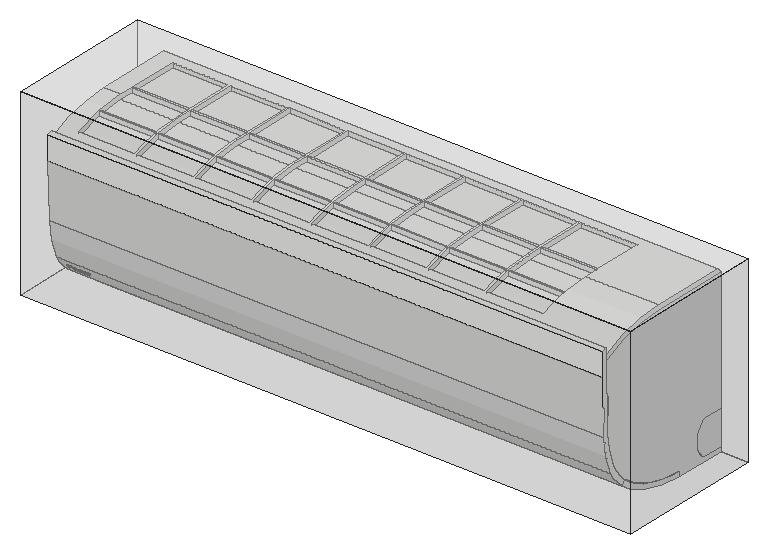
Revit family "outputfile", category 機械設備, Revit 2024
Family settings
  丸型コネクタ寸法 = 半径を使用
  パーツ タイプ = 標準
  OmniClass 番号 = 23.75.10.24.21.27.27
  OmniClass タイトル = Split System Air Conditioning Units
  作業面ベース = いいえ
  常に垂直 = はい
  ロード時にボイドで切り取り = いいえ
  注釈の向きを維持 = いいえ
  共有 = いいえ
  部屋計算ポイント = いいえ
Parameters (values of type "FTC50XV14")
  Description = ""
  書き出し IFC クラス(タイプ) = "IfcUnitaryEquipmentType"
  定義済み IFC タイプ(タイプ) = "AIRCONDITIONINGUNIT"
  Cost = 0
  Type Comments = ""
  Keynote = ""
  Type Image = (empty or 0)
  Assembly Code = ""
  w_wall hole = if(Width = 770.0 mm, 48.0 mm, 60.0 mm)  # 60.0 mm
  製造元 = "Daikin"
  モデル = "FTC50XV14"
  switch_frequency = yes
  r_Liquid Pipe Size = Liquid Pipe Size / 2  # 3.2 mm
  r_Gas Pipe Size = Gas Pipe Size / 2  # 7.95 mm
  r_Drain Pipe Size = Drain Pipe Size / 2  # 8.0 mm
  lw_powersupply [instance] = if(Width = 770.0 mm, if(or(Rear Right Connection_refrigerant, Bottom Right Connection_refrigerant), 25.0 mm, if(or(Rear Left Connection_refrigerant, Bottom Left Connection_refrigerant), 745.0 mm, 400.0 mm)), if(Width = 990.0 mm, if(or(Rear Right Connection_refrigerant, Bottom Right Connection_refrigerant), 40.0 mm, if(or(Rear Left Connection_refrigerant, Bottom Left Connection_refrigerant), 920.0 mm, 400.0 mm)), if(or(Rear Right Connection_refrigerant, Bottom Right Connection_refrigerant), 40.0 mm, if(or(Rear Left Connection_refrigerant, Bottom Left Connection_refrigerant), 920.0 mm, 400.0 mm))))  # 400.0 mm
  lw_liquidpipe [instance] = if(Width = 770.0 mm, if(or(Rear Right Connection_refrigerant, Bottom Right Connection_refrigerant), 0.0 mm, if(or(Rear Left Connection_refrigerant, Bottom Left Connection_refrigerant), 664.0 mm, 385.0 mm)), if(Width = 990.0 mm, if(or(Rear Right Connection_refrigerant, Bottom Right Connection_refrigerant), 0.0 mm, if(or(Rear Left Connection_refrigerant, Bottom Left Connection_refrigerant), 664.0 mm + (990.0 mm - 770.0 mm), 475.0 mm)), if(or(Rear Right Connection_refrigerant, Bottom Right Connection_refrigerant), 0.0 mm, if(or(Rear Left Connection_refrigerant, Bottom Left Connection_refrigerant), 664.0 mm + (990.0 mm - 770.0 mm), 475.0 mm))))  # 475.0 mm
  lw_gaspipe [instance] = if(Width = 770.0 mm, if(or(Rear Right Connection_refrigerant, Bottom Right Connection_refrigerant), 0.0 mm, if(or(Rear Left Connection_refrigerant, Bottom Left Connection_refrigerant), 675.0 mm, if(Gas Pipe Size = 12.7 mm, 345.0 mm, 335.0 mm))), if(Width = 990.0 mm, if(or(Rear Right Connection_refrigerant, Bottom Right Connection_refrigerant), 10.0 mm, if(or(Rear Left Connection_refrigerant, Bottom Left Connection_refrigerant), 890.0 mm, if(Gas Pipe Size = 15.9 mm, 410.0 mm, 400.0 mm))), if(or(Rear Right Connection_refrigerant, Bottom Right Connection_refrigerant), 10.0 mm, if(or(Rear Left Connection_refrigerant, Bottom Left Connection_refrigerant), 890.0 mm, if(Gas Pipe Size = 15.9 mm, 410.0 mm, 400.0 mm)))))  # 410.0 mm
  lw_drainpipe [instance] = if(Width = 770.0 mm, if(or(Rear Right Connection_refrigerant, Bottom Right Connection_refrigerant), 0.0 mm, if(or(Rear Left Connection_refrigerant, Bottom Left Connection_refrigerant), 770.0 mm - 48.0 mm - 48.0 mm, 440.0 mm)), if(Width = 990.0 mm, if(or(Rear Right Connection_refrigerant, Bottom Right Connection_refrigerant), 0.0 mm, if(or(Rear Left Connection_refrigerant, Bottom Left Connection_refrigerant), 675.0 mm + (990.0 mm - 770.0 mm), 435.0 mm)), if(or(Rear Right Connection_refrigerant, Bottom Right Connection_refrigerant), 0.0 mm, if(or(Rear Left Connection_refrigerant, Bottom Left Connection_refrigerant), 675.0 mm + (990.0 mm - 770.0 mm), 435.0 mm))))  # 435.0 mm
  l_powersupply_length [instance] = if(Width = 770.0 mm, if(Right Connection_refrigerant, 400.0 mm, if(Left Connection_refrigerant, 770.0 mm - 400.0 mm, if(or(Rear Left Connection_refrigerant, Rear Right Connection_refrigerant), 15.0 mm, 50.0 mm))), if(Width = 990.0 mm, if(Right Connection_refrigerant, 400.0 mm, if(Left Connection_refrigerant, 990.0 mm - 400.0 mm, if(or(Rear Left Connection_refrigerant, Rear Right Connection_refrigerant), 15.0 mm, 50.0 mm))), if(Right Connection_refrigerant, 400.0 mm, if(Left Connection_refrigerant, 990.0 mm - 400.0 mm, if(or(Rear Left Connection_refrigerant, Rear Right Connection_refrigerant), 15.0 mm, 50.0 mm)))))  # 400.0 mm
  l_liquidpipe_length [instance] = if(Width = 770.0 mm, if(Right Connection_refrigerant, 433.0 mm, if(Left Connection_refrigerant, 337.0 mm, if(or(Rear Left Connection_refrigerant, Rear Right Connection_refrigerant), 30.0 mm, 40.0 mm))), if(Width = 990.0 mm, if(Right Connection_refrigerant, 535.0 mm, if(Left Connection_refrigerant, 455.0 mm, if(or(Rear Left Connection_refrigerant, Rear Right Connection_refrigerant), 30.0 mm, 40.0 mm))), if(Right Connection_refrigerant, 535.0 mm, if(Left Connection_refrigerant, 455.0 mm, if(or(Rear Left Connection_refrigerant, Rear Right Connection_refrigerant), 30.0 mm, 40.0 mm)))))  # 535.0 mm
  l_gaspipe_length [instance] = if(Width = 770.0 mm, if(Right Connection_refrigerant, if(Gas Pipe Size = 12.7 mm, 393.0 mm, 383.0 mm), if(Left Connection_refrigerant, if(Gas Pipe Size = 12.7 mm, 770.0 mm - 393.0 mm, 770.0 mm - 383.0 mm), if(or(Rear Left Connection_refrigerant, Rear Right Connection_refrigerant), 40.0 mm, 50.0 mm))), if(Width = 990.0 mm, if(Right Connection_refrigerant, if(Gas Pipe Size = 15.9 mm, 470.0 mm, 460.0 mm), if(Left Connection_refrigerant, if(Gas Pipe Size = 15.9 mm, 990.0 mm - 470.0 mm, 990.0 mm - 460.0 mm), if(or(Rear Left Connection_refrigerant, Rear Right Connection_refrigerant), 40.0 mm, 50.0 mm))), if(Right Connection_refrigerant, if(Gas Pipe Size = 15.9 mm, 460.0 mm, 460.0 mm), if(Left Connection_refrigerant, if(Gas Pipe Size = 15.9 mm, 990.0 mm - 460.0 mm, 990.0 mm - 460.0 mm), if(or(Rear Left Connection_refrigerant, Rear Right Connection_refrigerant), 40.0 mm, 50.0 mm)))))  # 470.0 mm
  l_drainpipe_length [instance] = if(Width = 770.0 mm, if(Right Connection_refrigerant, 488.0 mm, if(Left Connection_refrigerant, 282.0 mm, if(or(Rear Left Connection_refrigerant, Rear Right Connection_refrigerant), 15.0 mm, 20.0 mm))), if(Width = 990.0 mm, if(Right Connection_refrigerant, 495.0 mm, if(Left Connection_refrigerant, 495.0 mm, if(or(Rear Left Connection_refrigerant, Rear Right Connection_refrigerant), 15.0 mm, 20.0 mm))), if(Right Connection_refrigerant, 495.0 mm, if(Left Connection_refrigerant, 495.0 mm, if(or(Rear Left Connection_refrigerant, Rear Right Connection_refrigerant), 15.0 mm, 20.0 mm)))))  # 495.0 mm
  h*** = 0.0 mm  # constant formula
  connector_voltage = Voltage_50Hz  # 230 V
  connector_powerinput = [Power Input (Cooling)]  # 1.580 kW
  connector_phase = Phase_50Hz  # 1
  angle_vertical [instance] = if(or(Bottom Left Connection_refrigerant, Bottom Right Connection_refrigerant), 0.00°, 90.00°)  # 90.00°
  angle_horizontal [instance] = if(Right Connection_refrigerant, 90.00°, if(Left Connection_refrigerant, -90.00°, if(or(Rear Left Connection_refrigerant, Rear Right Connection_refrigerant), 180.00°, 0.00°)))  # 90.00°
  Width = 990.0 mm
  Voltage_comment_50Hz = "220 - 240"
  Voltage_50Hz = 230 V
  Version = "ver.1.0"
  Unit Type = "Wall Mounted"
  Unit Mass Weight = 13.00 kg
  Unit Designation [instance] = ""
  Uniclass2015Version = "Products v1.30"
  Uniclass2015Title = "Split coil room air conditioning units"
  Uniclass2015Code = "Pr_70_65_03_86"
  URL = ""
  Total Cooling Capacity [instance] = 0.000 kW
  Sound Pressure Level_M speed (dBA) = 40
  Sound Pressure Level_L speed (dBA) = 35
  Sound Pressure Level_H speed (dBA) = 45
  Sound Power Level_H speed (dB) = 0
  Series = "Single Split_Fan Coil Unit"
  Sensible Cooling Capacity [instance] = 0.000 kW
  Refrigerant Type = "R32"
  Power Input (Cooling) = 1.580 kW
  Phase_50Hz = 1
  Option Accessory 3 [instance] = ""
  Option Accessory 2 [instance] = ""
  Option Accessory 1 [instance] = ""
  Nominal Cooling Capacity = 5.020 kW
  Minimum Circuit Amps_50Hz = 0.0 A
  Minimum Airflow = 714.00 m³/h
  Median Airflow = 900.00 m³/h
  Maximum Fuse Amps_50Hz = 0.0 A
  Maximum Airflow = 1086.00 m³/h
  Material_Casing = DAIKIN_PureWhite_Casing_indoorunit
  Load Classification = HVAC
  Liquid Pipe Size = 6.4 mm
  Link_Nested Family [instance] = ""
  IfcVersion = ""
  IfcExportType = "AIRCONDITIONINGUNIT"
  IfcExportAs = "IfcUnitaryEquipmentType"
  Height = 295.0 mm
  Heat Exchanger Type = "Cross Fin Coil"
  Gas Pipe Size = 15.9 mm
  Frequency_50Hz = 50 Hz
  Fan Type = "Cross Flow Fan"
  Fan Drive = "-"
  FCU Tag No. [instance] = ""
  Drain Pipe Size = 16.0 mm
  Design Supply Airflow [instance] = 0.00 m³/h
  Depth = 263.0 mm
  既定の高さ = 0.0 mm
  Cooling Entering Wet Bulb Temperature [instance] = 0.00 °C
  Cooling Entering Dry Bulb Temperature [instance] = 0.00 °C
  Cooling Ambient Wet Bulb Temperature [instance] = 0.00 °C
  Cooling Ambient Dry Bulb Temperature [instance] = 0.00 °C
  Clearance visibility [instance] = yes
  Clearance Top = 30.0 mm
  Clearance Right = 50.0 mm
  Clearance Rear = 0.0 mm
  Clearance Left = 50.0 mm
  Clearance Front = 0.0 mm
  Clearance Bottom = 0.0 mm
  Bottom Right Connection_refrigerant [instance] = no
  Bottom Left Connection_refrigerant [instance] = no
  Rear Right Connection_refrigerant [instance] = no
  Rear Left Connection_refrigerant [instance] = no
  Right Connection_refrigerant [instance] = yes
  Left Connection_refrigerant [instance] = no
Reference planes
  plane 1 "Back": y = 0
  plane 2: z = 0
  plane 3 "Center (Left/Right)": x = 0
  plane 4 "Center (Front/Back)": y = -131.5
  plane 5 "Front": y = -263
  plane 6 "Left": x = -495
  plane 7 "Right": x = 495
  plane 8 "Top": z = 0
  plane 9 "Bottom": z = -295
  plane 10: x = -545
  plane 11: x = 545
  plane 12: y = 0
  plane 13: y = -263
  plane 14: z = 30
  plane 15: z = -295
  plane 16 "lw_Piping and Wiring intake": x = 435
  plane 17 "lw_gaspipe": x = 25
  plane 18 "lw_liquidpipe": x = -40
  plane 19 "lw_drainpipe": x = 0
  plane 20 "lh_drainpipe": z = -275
  plane 21 "lh_liquidpipe": z = -255
  plane 22 "lh_gaspipe": z = -245
  plane 23 "ld_drainpipe": y = -15
  plane 24 "ld_liquidpipe": y = -30
  plane 25 "ld_gaspipe": y = -40
  plane 26 "lw_powersupply": x = 95
Dimensions and locks
  equal spacing: plane 6 "Left", plane 3 "Center (Left/Right)", plane 7 "Right"
  "Width": plane 6 "Left" to plane 7 "Right"
  equal spacing: plane 5 "Front", plane 4 "Center (Front/Back)", plane 1 "Back"
  "Depth": plane 5 "Front" to plane 1 "Back"
  "Height": plane 8 "Top" to plane 9 "Bottom"
  "Clearance Rear": plane 12 to plane 1 "Back"
  "Clearance Front": plane 13 to plane 5 "Front"
  "Clearance Top": plane 14 to plane 8 "Top"
  "Clearance Bottom": plane 9 "Bottom" to plane 15
  "w_wall hole": plane 16 "lw_Piping and Wiring intake" to plane 7 "Right"
  "lw_gaspipe": plane 17 "lw_gaspipe" to plane 16 "lw_Piping and Wiring intake"
  "lw_liquidpipe": plane 18 "lw_liquidpipe" to plane 16 "lw_Piping and Wiring intake"
  "lw_drainpipe": plane 19 "lw_drainpipe" to plane 16 "lw_Piping and Wiring intake"
  locked: plane 20 "lh_drainpipe" to plane 9 "Bottom" at 20
  locked: plane 21 "lh_liquidpipe" to plane 9 "Bottom" at 40
  locked: plane 22 "lh_gaspipe" to plane 9 "Bottom" at 50
  locked: plane 23 "ld_drainpipe" to plane 1 "Back" at 15
  locked: plane 1 "Back" to plane 24 "ld_liquidpipe" at 30
  locked: plane 1 "Back" to plane 25 "ld_gaspipe" at 40
  "lw_powersupply": plane 26 "lw_powersupply" to plane 7 "Right"
  "Clearance Left": plane 10 to plane 6 "Left"
  "Clearance Right": plane 7 "Right" to plane 11
  aligned and locked: level to plane 2
  aligned and locked: plane 12 to nested 1
  aligned and locked: nested 1 to plane 13
  aligned and locked: plane 10 to nested 1
  aligned and locked: plane 11 to nested 1
  aligned and locked: plane 15 to nested 1
  aligned and locked: plane 14 to nested 1
  aligned and locked: plane 17 "lw_gaspipe" to nested 2
  aligned and locked: nested 2 to plane 25 "ld_gaspipe"
  aligned and locked: plane 18 "lw_liquidpipe" to nested 3
  aligned and locked: nested 3 to plane 24 "ld_liquidpipe"
  aligned and locked: plane 19 "lw_drainpipe" to nested 4
  aligned and locked: nested 4 to plane 23 "ld_drainpipe"
  aligned and locked: nested 5 to plane 23 "ld_drainpipe"
  aligned and locked: plane 26 "lw_powersupply" to nested 5
  aligned and locked: level to plane 8 "Top"
  aligned and locked: plane 3 "Center (Left/Right)" to nested 6
  aligned and locked: plane 1 "Back" to nested 6
  aligned and locked: plane 8 "Top" to nested 6
Nested families
  nested 1: "daikin_clearancespace" at (0, -131.5, -132.381), show <- "Clearance visibility", visible <- "Clearance visibility", Link_Nested Family <- "Link_Nested Family", type "daikin_clearancespace"
    with width 1090.0 mm, show yes, height 325.0 mm, depth 263.0 mm, Link_Nested Family ""
  nested 2: "daikin_connector_rotate3" at (25, -40, -245), angle_vertical <- "angle_vertical", angle_horizontal <- "angle_horizontal", length <- "l_gaspipe_length", radius <- "r_Gas Pipe Size", type "daikin_connector_rotate3"
    with show no, radius 7.95 mm, length 470.0 mm, angle_vertical 90.00°, angle_horizontal 90.00°
  nested 3: "daikin_connector_rotate3" at (-40, -30, -255), angle_vertical <- "angle_vertical", angle_horizontal <- "angle_horizontal", radius <- "r_Liquid Pipe Size", length <- "l_liquidpipe_length", type "daikin_connector_rotate3"
    with show no, radius 3.2 mm, length 535.0 mm, angle_vertical 90.00°, angle_horizontal 90.00°
  nested 4: "daikin_connector_rotate3" at (0, -15, -275), angle_vertical <- "angle_vertical", angle_horizontal <- "angle_horizontal", length <- "l_drainpipe_length", radius <- "r_Drain Pipe Size", type "daikin_connector_rotate3"
    with show no, radius 8.0 mm, length 495.0 mm, angle_vertical 90.00°, angle_horizontal 90.00°
  nested 5: "daikin_connector_rotate3" at (95, -15, -245), angle_vertical <- "angle_vertical", angle_horizontal <- "angle_horizontal", length <- "l_powersupply_length", type "daikin_connector_rotate3"
    with show no, radius 10.0 mm, length 400.0 mm, angle_vertical 90.00°, angle_horizontal 90.00°
  nested 6: "DAIKIN_indoorunit_FTC-XV14" at (-31, 0, 0), type "FTC-XV14"
    with Width=990 yes, Width=770 no, Width 990.0 mm, WALL HOLE-R 60.0 mm, WALL HOLE Size 80.0 mm, Height 295.0 mm
Connectors
  piping at (495, -40, -245), diameter 15.9, driven by "r_Gas Pipe Size"
    settings: on nested 2, index 1, connector inside diameter 609.6 mm, connector length 0.0 mm, flow factor 0, pipe flow 0.00 m³/h, pressure drop 0.0 Pa, fitting loss kfactor 0, connector angle 0.00°, fixture units 0, engagement length 0.0 mm, angle of deflection 0.00°, flow configuration 1, flow direction 2, fitting loss method 0, system type 29, joint type 0, gender type 0, connector reference index -1, connector utility 0, adjustable connector no, is connector primary yes, connector description "Refrigerant Gas Piping"
  piping at (495, -30, -255), diameter 6.4, driven by "r_Liquid Pipe Size"
    settings: on nested 3, index 2, connector inside diameter 609.6 mm, connector length 0.0 mm, flow factor 0, pipe flow 0.00 m³/h, pressure drop 0.0 Pa, fitting loss kfactor 0, connector angle 0.00°, fixture units 0, engagement length 0.0 mm, angle of deflection 0.00°, flow configuration 1, flow direction 1, fitting loss method 0, system type 29, joint type 0, gender type 0, connector reference index -1, connector utility 0, adjustable connector no, is connector primary no, connector description "Refrigerant Liquid Piping"
  piping at (495, -15, -275), diameter 16, driven by "r_Drain Pipe Size"
    settings: on nested 4, index 3, connector inside diameter 609.6 mm, connector length 0.0 mm, flow factor 0, pipe flow 0.00 m³/h, pressure drop 0.0 Pa, fitting loss kfactor 0, connector angle 0.00°, fixture units 0, engagement length 0.0 mm, angle of deflection 0.00°, flow configuration 1, flow direction 2, fitting loss method 4, system type 16, joint type 0, gender type 0, connector reference index -1, connector utility 0, adjustable connector no, is connector primary no, connector description "Condensate Drain Piping"
  electrical at (495, -15, -245), driven by "Load Classification", driven by "connector_voltage", driven by "connector_phase", driven by "connector_powerinput"
    settings: on nested 5, index 4, voltage 230 V, apparent load 1580 VA, apparent load phase1 0 VA, apparent load phase2 0 VA, apparent load phase3 0 VA, power factor 1, load classification "HVAC", number of poles 1, system type 30, power factor state 1, is connector primary yes, connector utility no, sub classification motor no, connector description "Power Supply"
Definition of nested family "daikin_clearancespace"
  Parameters (values of type "daikin_clearancespace")
    Description = "daikin_clearancespace"
    width [instance] = 1823.963 mm
    show [instance] = yes
    material = none
    height [instance] = 1359.762 mm
    depth [instance] = 880.0 mm
    Default Elevation = 0.0 mm
    Link_Nested Family [instance] = ""
  Reference planes
    plane 1 "Center (Front/Back)": y = 0
    plane 2 "Center (Elevation)": z = -0.119
    plane 3 "Center (Left/Right)": x = 0
    plane 4: y = 440
    plane 5: y = -440
    plane 6 "Right": x = 911.982
    plane 7 "Left": x = -911.982
    plane 8 "Top": z = 679.762
    plane 9 "Bottom": z = -680
  Forms (mm)
    Extrusion 1, solid, material <- "material", visible <- "show"
      sketch origin (0, 0, 0) x (1, 0, 0) y (0, 1, 0)
        loop
          line (-911.982, 440) -> (-911.982, -440) -> (911.982, -440) -> (911.982, 440) -> (-911.982, 440)
      from -680 to 679.762
  Lines and regions (mm)
    symbolic lines, visible <- "show"
      curve 1: line (911.982, 440, 0) -> (-911.982, 440, 0)
      curve 2: line (-911.982, 440, 0) -> (-911.982, -440, 0)
      curve 3: line (-911.982, -440, 0) -> (911.982, -440, 0)
      curve 4: line (911.982, -440, 0) -> (911.982, 440, 0)
      curve 5: line (911.982, 0, 679.762) -> (-911.982, 0, 679.762)
      curve 6: line (911.982, 0, -680) -> (911.982, 0, 679.762)
      curve 7: line (-911.982, 0, -680) -> (911.982, 0, -680)
      curve 8: line (-911.982, 0, 679.762) -> (-911.982, 0, -680)
      curve 9: line (0, 440, 679.762) -> (0, -440, 679.762)
      curve 10: line (0, -440, 679.762) -> (0, -440, -680)
      curve 11: line (0, 440, -680) -> (0, 440, 679.762)
      curve 12: line (0, -440, -680) -> (0, 440, -680)
  Dimensions and locks
    "width": plane 7 "Left" to plane 6 "Right"
    "depth": plane 4 to plane 5
    "height": plane 8 "Top" to plane 9 "Bottom"
    equal spacing: plane 7 "Left", plane 3 "Center (Left/Right)", plane 6 "Right"
    equal spacing: plane 4, plane 1 "Center (Front/Back)", plane 5
    equal spacing: plane 8 "Top", plane 2 "Center (Elevation)", plane 9 "Bottom"
    aligned and locked: level to plane 2 "Center (Elevation)"
    aligned and locked: Extrusion 1 sketch curve to plane 4
    aligned and locked: plane 7 "Left" to Extrusion 1 sketch curve
    aligned and locked: Extrusion 1 sketch curve to plane 5
    aligned and locked: Extrusion 1 sketch curve to plane 6 "Right"
    aligned and locked: plane 8 "Top" to Extrusion 1
    aligned and locked: curve 1 to Extrusion 1
    aligned and locked: curve 2 to Extrusion 1
    aligned and locked: curve 3 to Extrusion 1
    aligned and locked: curve 4 to Extrusion 1
    aligned and locked: curve 5 to Extrusion 1
    aligned and locked: curve 6 to Extrusion 1
    aligned and locked: curve 7 to Extrusion 1
    aligned and locked: curve 8 to Extrusion 1
    aligned and locked: curve 9 to Extrusion 1
    aligned and locked: curve 10 to Extrusion 1
    aligned and locked: curve 11 to Extrusion 1
    aligned and locked: curve 12 to Extrusion 1
    aligned and locked: Extrusion 1 to plane 9 "Bottom"
Definition of nested family "DAIKIN_indoorunit_FTC-XV14"
  Parameters (values of type "FTKQ-TVM")
    Width=990 = Width = 990.0 mm  # no
    Width=770 = Width = 770.0 mm  # yes
    Width = 770.0 mm
    WALL HOLE-R = if(Width = 770.0 mm, 48.0 mm, 60.0 mm)  # 48.0 mm
    WALL HOLE Size = if(Width = 770.0 mm, 65.0 mm, 80.0 mm)  # 65.0 mm
    Material_Casing = none
    Height = if(Width = 770.0 mm, 285.0 mm, 295.0 mm)  # 285.0 mm
    Default Elevation = 0.0 mm
  Reference planes
    plane 1 "Center (Front/Back)": y = 0
    plane 2 "reference_level": z = 0
    plane 3 "Center (Left/Right)": x = 31
    plane 4: x = -354
    plane 5: x = 416
    plane 6: z = -285
  Forms (mm)
    Extrusion 1, solid, material <- "Material_Casing", visible <- "Width=770"
      sketch origin (29, 0, 0) x (0, 1, 0) y (0, 0, 1)
        loop
          line (-5, 0) -> (-98, 0)
          arc (-98, 0) -> (-157.611, -7.211) -> (-213.783, -28.427) r 250
          arc (-213.783, -28.427) -> (-213.842, -32.972) -> (-213.892, -37.516) r 2191
          arc (-213.892, -37.516) -> (-157.832, -15.495) -> (-98.07, -8) r 242
          line (-98.07, -8) -> (0, -8) -> (-5, 0)
      from -383 to 387
    Extrusion 2, solid, material <- "Material_Casing", visible <- "Width=770"
      sketch origin (416, 1296.25, 1200) x (0, 1, 0) y (0, 0, 1)
        loop
          line (-1472.998, -1446.91) -> (-1476.998, -1453.839)
          arc (-1476.998, -1453.839) -> (-1437.481, -1472.422) -> (-1395.25, -1483.538) r 240
          line (-1395.25, -1483.538) -> (-1395.25, -1475.422)
          arc (-1395.25, -1475.422) -> (-1435.407, -1464.663) -> (-1472.998, -1446.91) r 232
      from 0 to -47.5
    Extrusion 3, solid, material <- "Material_Casing", visible <- "Width=770"
      sketch origin (29, 0, 0) x (0, 1, 0) y (0, 0, 1)
        loop
          arc (-223, -60.455) -> (-222.414, -110.646) -> (-220.656, -160.81) r 2149.92
          arc (-220.656, -160.81) -> (-219.65, -174.299) -> (-217.853, -187.706) r 229.911
          arc (-217.853, -187.706) -> (-205.371, -223.594) -> (-181.517, -253.17) r 111
          line (-181.517, -253.17) -> (-177.429, -246.093)
          arc (-177.429, -246.093) -> (-198.77, -218.989) -> (-209.965, -186.36) r 103
          arc (-209.965, -186.36) -> (-211.681, -173.586) -> (-212.651, -160.735) r 221.844
          arc (-212.651, -160.735) -> (-214.739, -93.233) -> (-214.74, -25.699) r 2186.828
          arc (-214.74, -25.699) -> (-214.671, -21.467) -> (-214.594, -17.235) r 2192
          line (-214.594, -17.235) -> (-223, -19.961) -> (-223, -60.455)
      from -383 to 387
    Extrusion 4, solid, material <- "Material_Casing", visible <- "Width=770"
      sketch origin (29, 0, -20) x (0, 1, 0) y (0, 0, 1)
        loop
          line (0, -265) -> (0, 12) -> (-98.07, 12)
          arc (-98.07, 12) -> (-157.832, 4.505) -> (-213.892, -17.516) r 242
          arc (-213.892, -17.516) -> (-213.638, -79.114) -> (-211.653, -140.681) r 2191
          arc (-211.653, -140.681) -> (-210.685, -153.501) -> (-208.973, -166.243) r 221
          arc (-208.973, -166.243) -> (-197.471, -199.282) -> (-175.482, -226.491) r 102
          arc (-175.482, -226.491) -> (-138.004, -244.019) -> (-98, -254.579) r 231
          line (-98, -254.579) -> (-98, -265) -> (0, -265)
      from -383 to 387
    Extrusion 5, solid, material <- "Material_Casing", visible <- "Width=770"
      sketch origin (-354, 1296.25, 1200) x (0, 1, 0) y (0, 0, 1)
        loop
          line (-1472.998, -1446.91) -> (-1476.998, -1453.839)
          arc (-1476.998, -1453.839) -> (-1437.481, -1472.422) -> (-1395.25, -1483.538) r 240
          line (-1395.25, -1483.538) -> (-1395.25, -1475.422)
          arc (-1395.25, -1475.422) -> (-1435.407, -1464.663) -> (-1472.998, -1446.91) r 232
      from 47 to 0
    Extrusion 6, solid, material <- "Material_Casing", visible <- "Width=770"
      sketch origin (416, 1296.25, 1200) x (0, 1, 0) y (0, 0, 1)
        loop
          line (-1472.998, -1446.91) -> (-1476.998, -1453.839)
          arc (-1476.998, -1453.839) -> (-1443.437, -1470.168) -> (-1407.75, -1481.097) r 240
          line (-1407.75, -1481.097) -> (-1407.75, -1472.894)
          arc (-1407.75, -1472.894) -> (-1441.363, -1462.385) -> (-1472.998, -1446.91) r 232
      from -116.993 to -48.493
    Extrusion 7, solid, material <- "Material_Casing", visible <- "Width=770"
      sketch origin (416, 1296.25, 1200) x (0, 1, 0) y (0, 0, 1)
        loop
          line (-1472.998, -1446.91) -> (-1476.998, -1453.839)
          arc (-1476.998, -1453.839) -> (-1443.437, -1470.168) -> (-1407.75, -1481.097) r 240
          line (-1407.75, -1481.097) -> (-1407.75, -1472.894)
          arc (-1407.75, -1472.894) -> (-1441.363, -1462.385) -> (-1472.998, -1446.91) r 232
      from -717 to -121.993
    Extrusion 8, void
      sketch origin (31, 0, -235) x (1, 0, 0) y (0, 1, 0)
        loop
          line (-252.674, -22.316) -> (-354.941, -22.316) -> (-354.941, -91.341) -> (-252.674, -91.341) -> (-252.674, -22.316)
        loop
          line (-249.341, -91.341) -> (-151.574, -91.341) -> (-151.574, -22.316) -> (-249.341, -22.316) -> (-249.341, -91.341)
        loop
          line (58.309, -22.316) -> (-148.309, -22.316) -> (-148.309, -91.341) -> (58.309, -91.341) -> (58.309, -22.316)
        loop
          line (61.689, -22.316) -> (61.689, -91.341) -> (159.457, -91.341) -> (159.457, -22.316) -> (61.689, -22.316)
        loop
          line (162.789, -22.316) -> (162.789, -91.341) -> (265.057, -91.341) -> (265.057, -22.316) -> (162.789, -22.316)
        loop
          line (-354.941, -94.659) -> (-354.941, -165.259) -> (-252.674, -165.259) -> (-252.674, -94.659) -> (-354.941, -94.659)
        loop
          line (-249.341, -94.659) -> (-249.341, -165.259) -> (-151.574, -165.259) -> (-151.574, -94.659) -> (-249.341, -94.659)
        loop
          line (-148.309, -94.659) -> (-148.309, -165.259) -> (58.309, -165.259) -> (58.309, -94.659) -> (-148.309, -94.659)
        loop
          line (61.689, -94.659) -> (61.689, -165.259) -> (159.457, -165.259) -> (159.457, -94.659) -> (61.689, -94.659)
        loop
          line (162.789, -94.659) -> (162.789, -165.259) -> (265.057, -165.259) -> (265.057, -94.659) -> (162.789, -94.659)
        loop
          line (-354.941, -167.382) -> (-354.941, -192.681) -> (-252.674, -192.681) -> (-252.674, -167.382) -> (-354.941, -167.382)
        loop
          line (-249.341, -167.382) -> (-249.341, -192.681) -> (-151.574, -192.681) -> (-151.574, -167.382) -> (-249.341, -167.382)
        loop
          line (-148.309, -167.382) -> (-148.309, -192.681) -> (58.309, -192.681) -> (58.309, -167.382) -> (-148.309, -167.382)
        loop
          line (159.457, -167.382) -> (61.689, -167.382) -> (61.689, -192.681) -> (159.457, -192.681) -> (159.457, -167.382)
        loop
          line (265.057, -167.382) -> (162.789, -167.382) -> (162.789, -192.681) -> (265.057, -192.681) -> (265.057, -167.382)
      from 201.638 to 250
    Extrusion 9, solid, material <- "Material_Casing"
      sketch origin (31, 0, 0) x (1, 0, 0) y (0, 0, 1)
        loop
          circle (337, -240.5) r 32.5
        loop
          circle (-337, -240.5) r 32.5
      from 0 to 5
    Extrusion 10, solid, material <- "Material_Casing", visible <- "Width=770"
      sketch origin (416, 1296.25, 1200) x (0, -1, 0) y (0, 0, 1)
        loop
          line (1326.25, -1417) -> (1296.25, -1417) -> (1296.25, -1477) -> (1326.25, -1477)
          arc (1326.25, -1477) -> (1340.393, -1471.142) -> (1346.25, -1457) r 20
          line (1346.25, -1457) -> (1346.25, -1437)
          arc (1346.25, -1437) -> (1340.393, -1422.858) -> (1326.25, -1417) r 20
      from 0 to 5
    Extrusion 11, solid, material <- "Material_Casing", visible <- "Width=770"
      sketch origin (-354, 1296.25, 1200) x (0, 1, 0) y (0, 0, 1)
        loop
          line (-1296.25, -1417) -> (-1326.25, -1417)
          arc (-1326.25, -1417) -> (-1340.393, -1422.858) -> (-1346.25, -1437) r 20
          line (-1346.25, -1437) -> (-1346.25, -1457)
          arc (-1346.25, -1457) -> (-1340.393, -1471.142) -> (-1326.25, -1477) r 20
          line (-1326.25, -1477) -> (-1296.25, -1477) -> (-1296.25, -1417)
      from 0 to 5
    Extrusion 12, solid, material <- "Material_Casing", visible <- "Width=770"
      sketch origin (31, 0, -285) x (-1, 0, 0) y (0, -1, 0)
        loop
          line (-314, 0) -> (-314, 30)
          arc (-314, 30) -> (-319.858, 44.142) -> (-334, 50) r 20
          line (-334, 50) -> (-354, 50)
          arc (-354, 50) -> (-368.142, 44.142) -> (-374, 30) r 20
          line (-374, 30) -> (-374, 0) -> (-314, 0)
        loop
          line (374, 0) -> (374, 30)
          arc (374, 30) -> (368.142, 44.142) -> (354, 50) r 20
          line (354, 50) -> (334, 50)
          arc (334, 50) -> (319.858, 44.142) -> (314, 30) r 20
          line (314, 30) -> (314, 0) -> (374, 0)
      from 0 to 5
    Extrusion 13, solid, material <- "Material_Casing", visible <- "Width=990"
      sketch origin (31, 0, 0) x (0, 1, 0) y (0, 0, 1)
        loop
          line (-5, 0) -> (-138, 0)
          arc (-138, 0) -> (-197.611, -7.211) -> (-253.783, -28.427) r 250
          arc (-253.783, -28.427) -> (-253.838, -32.687) -> (-253.886, -36.946) r 2191
          arc (-253.886, -36.946) -> (-197.73, -15.346) -> (-138.014, -8) r 246.393
          line (-138.014, -8) -> (0, -8) -> (-5, 0)
      from -495 to 495
    Extrusion 14, solid, material <- "Material_Casing", visible <- "Width=990"
      sketch origin (418, 1296.25, 1200) x (0, 1, 0) y (0, 0, 1)
        loop
          arc (-1515.208, -1454.149) -> (-1506.856, -1460.599) -> (-1497.925, -1466.219) r 110
          arc (-1497.925, -1466.219) -> (-1445.718, -1487.493) -> (-1389.844, -1494.995) r 223
          line (-1389.844, -1494.995) -> (-1389.844, -1486.086) -> (-1404.386, -1486.086)
          arc (-1404.386, -1486.086) -> (-1449.542, -1477.46) -> (-1491.818, -1459.402) r 214.289
          arc (-1491.818, -1459.402) -> (-1501.056, -1453.541) -> (-1509.606, -1446.715) r 101
          line (-1509.606, -1446.715) -> (-1515.208, -1454.149)
      from 108 to 57.5
    Extrusion 15, solid, material <- "Material_Casing", visible <- "Width=990"
      sketch origin (31, 0, 0) x (0, 1, 0) y (0, 0, 1)
        loop
          line (-263, -19.962) -> (-263, -61.6)
          arc (-263, -61.6) -> (-262.414, -110.219) -> (-260.656, -158.81) r 2017.341
          arc (-260.656, -158.81) -> (-255.648, -191.935) -> (-244.041, -223.362) r 164.725
          arc (-244.041, -223.362) -> (-233.569, -239.793) -> (-219.717, -253.495) r 87.379
          line (-219.717, -253.495) -> (-214.706, -246.846)
          arc (-214.706, -246.846) -> (-229.564, -230.029) -> (-240.385, -210.371) r 102
          arc (-240.385, -210.371) -> (-249.049, -182.962) -> (-252.848, -154.467) r 165.789
          arc (-252.848, -154.467) -> (-254.771, -90.102) -> (-254.74, -25.708) r 2122.533
          arc (-254.74, -25.708) -> (-254.671, -21.469) -> (-254.594, -17.23) r 2192
          line (-254.594, -17.23) -> (-263, -19.962)
      from -495 to 495
    Extrusion 16, void
      sketch origin (33, 0, 0) x (1, 0, 0) y (0, 1, 0)
        loop
          line (-466.909, -22.316) -> (-466.909, -111.341) -> (-366.303, -111.341) -> (-366.303, -22.316) -> (-466.909, -22.316)
        loop
          line (-362.71, -22.316) -> (-362.71, -111.341) -> (-262.103, -111.341) -> (-262.103, -22.316) -> (-362.71, -22.316)
        loop
          line (-258.51, -22.316) -> (-258.51, -111.341) -> (-157.904, -111.341) -> (-157.904, -22.316) -> (-258.51, -22.316)
        loop
          line (-154.31, -22.316) -> (-154.31, -111.341) -> (-53.704, -111.341) -> (-53.704, -22.316) -> (-154.31, -22.316)
        loop
          line (-50.11, -22.316) -> (-50.11, -111.341) -> (50.496, -111.341) -> (50.496, -22.316) -> (-50.11, -22.316)
        loop
          line (54.089, -22.316) -> (54.089, -111.341) -> (154.696, -111.341) -> (154.696, -22.316) -> (54.089, -22.316)
        loop
          line (158.289, -22.316) -> (158.289, -111.341) -> (258.895, -111.341) -> (258.895, -22.316) -> (158.289, -22.316)
        loop
          line (262.489, -22.316) -> (262.489, -111.341) -> (363.095, -111.341) -> (363.095, -22.316) -> (262.489, -22.316)
        loop
          line (-466.909, -114.459) -> (-466.909, -185.059) -> (-366.303, -185.059) -> (-366.303, -114.459) -> (-466.909, -114.459)
        loop
          line (-362.71, -114.459) -> (-362.71, -185.059) -> (-262.103, -185.059) -> (-262.103, -114.459) -> (-362.71, -114.459)
        loop
          line (-258.51, -114.459) -> (-258.51, -185.059) -> (-157.904, -185.059) -> (-157.904, -114.459) -> (-258.51, -114.459)
        loop
          line (-154.31, -114.459) -> (-154.31, -185.059) -> (-53.704, -185.059) -> (-53.704, -114.459) -> (-154.31, -114.459)
        loop
          line (-50.11, -114.459) -> (-50.11, -185.059) -> (50.496, -185.059) -> (50.496, -114.459) -> (-50.11, -114.459)
        loop
          line (54.089, -114.459) -> (54.089, -185.059) -> (154.696, -185.059) -> (154.696, -114.459) -> (54.089, -114.459)
        loop
          line (158.289, -114.459) -> (158.289, -185.059) -> (258.895, -185.059) -> (258.895, -114.459) -> (158.289, -114.459)
        loop
          line (262.489, -114.459) -> (262.489, -185.059) -> (363.095, -185.059) -> (363.095, -114.459) -> (262.489, -114.459)
        loop
          line (-466.909, -187.382) -> (-466.909, -232.681) -> (-366.303, -232.681) -> (-366.303, -187.382) -> (-466.909, -187.382)
        loop
          line (-362.71, -187.382) -> (-362.71, -232.681) -> (-262.103, -232.681) -> (-262.103, -187.382) -> (-362.71, -187.382)
        loop
          line (-258.51, -187.382) -> (-258.51, -232.681) -> (-157.904, -232.681) -> (-157.904, -187.382) -> (-258.51, -187.382)
        loop
          line (-154.31, -187.382) -> (-154.31, -232.681) -> (-53.704, -232.681) -> (-53.704, -187.382) -> (-154.31, -187.382)
        loop
          line (-50.11, -187.382) -> (-50.11, -232.681) -> (50.496, -232.681) -> (50.496, -187.382) -> (-50.11, -187.382)
        loop
          line (54.089, -187.382) -> (54.089, -232.681) -> (154.696, -232.681) -> (154.696, -187.382) -> (54.089, -187.382)
        loop
          line (158.289, -187.382) -> (158.289, -232.681) -> (258.895, -232.681) -> (258.895, -187.382) -> (158.289, -187.382)
        loop
          line (262.489, -187.382) -> (262.489, -232.681) -> (363.095, -232.681) -> (363.095, -187.382) -> (262.489, -187.382)
      from -40.013 to 47.268
    Extrusion 17, solid, material <- "Material_Casing", visible <- "Width=990"
      sketch origin (-356, 1296.25, 1200) x (0, 1, 0) y (0, 0, -1)
        loop
          line (-1515.208, 1454.149) -> (-1509.606, 1446.715)
          arc (-1509.606, 1446.715) -> (-1501.056, 1453.541) -> (-1491.818, 1459.402) r 101
          arc (-1491.818, 1459.402) -> (-1449.542, 1477.46) -> (-1404.386, 1486.086) r 214.289
          line (-1404.386, 1486.086) -> (-1389.844, 1486.086) -> (-1389.844, 1494.995)
          arc (-1389.844, 1494.995) -> (-1445.718, 1487.493) -> (-1497.925, 1466.219) r 223
          arc (-1497.925, 1466.219) -> (-1506.856, 1460.599) -> (-1515.208, 1454.149) r 110
      from 108 to 61
    Extrusion 18, solid, material <- "Material_Casing", visible <- "Width=990"
      sketch origin (418, 1296.25, 1200) x (0, 1, 0) y (0, 0, 1)
        loop
          arc (-1515.208, -1454.149) -> (-1506.856, -1460.599) -> (-1497.925, -1466.219) r 110
          arc (-1497.925, -1466.219) -> (-1463.185, -1482.066) -> (-1426.25, -1491.755) r 223
          line (-1426.25, -1491.755) -> (-1426.25, -1483.166)
          arc (-1426.25, -1483.166) -> (-1460.008, -1473.969) -> (-1491.818, -1459.402) r 214.289
          arc (-1491.818, -1459.402) -> (-1501.056, -1453.541) -> (-1509.606, -1446.715) r 101
          line (-1509.606, -1446.715) -> (-1515.208, -1454.149)
      from 56.5 to -36.993
    Extrusion 19, solid, material <- "Material_Casing", visible <- "Width=990"
      sketch origin (418, 1296.25, 1200) x (0, 1, 0) y (0, 0, 1)
        loop
          arc (-1426.25, -1483.166) -> (-1443.442, -1479.224) -> (-1460.25, -1473.881) r 214.289
          line (-1460.25, -1473.881) -> (-1460.25, -1483.089)
          arc (-1460.25, -1483.089) -> (-1443.421, -1488.091) -> (-1426.25, -1491.755) r 223
          line (-1426.25, -1491.755) -> (-1426.25, -1483.166)
      from -43.493 to -828.893
    Extrusion 20, solid, material <- "Material_Casing", visible <- "Width=990"
      sketch origin (418, 1296.25, 1200) x (0, 1, 0) y (0, 0, 1)
        loop
          arc (-1515.208, -1454.149) -> (-1506.856, -1460.599) -> (-1497.925, -1466.219) r 110
          arc (-1497.925, -1466.219) -> (-1479.479, -1475.527) -> (-1460.25, -1483.089) r 223
          line (-1460.25, -1483.089) -> (-1460.25, -1473.881)
          arc (-1460.25, -1473.881) -> (-1476.328, -1467.282) -> (-1491.818, -1459.402) r 214.289
          arc (-1491.818, -1459.402) -> (-1501.056, -1453.541) -> (-1509.606, -1446.715) r 101
          line (-1509.606, -1446.715) -> (-1515.208, -1454.149)
      from -43.493 to -828.893
    Extrusion 21, solid, material <- "Material_Casing", visible <- "Width=990"
      sketch origin (31, 0, -30) x (0, 1, 0) y (0, 0, 1)
        loop
          line (0, 22) -> (-138.014, 22)
          arc (-138.014, 22) -> (-197.73, 14.654) -> (-253.886, -6.946) r 246.393
          arc (-253.886, -6.946) -> (-253.682, -65.635) -> (-251.855, -124.295) r 2120.935
          arc (-251.855, -124.295) -> (-248.086, -152.682) -> (-239.461, -179.988) r 164.789
          arc (-239.461, -179.988) -> (-228.903, -199.231) -> (-214.437, -215.738) r 101
          line (-214.437, -215.738) -> (-212.406, -216.221)
          arc (-212.406, -216.221) -> (-204.07, -222.837) -> (-195.079, -228.53) r 100
          arc (-195.079, -228.53) -> (-145.557, -248.629) -> (-92.593, -255.785) r 213.289
          line (-92.593, -255.785) -> (-92.593, -265) -> (0, -265) -> (0, 22)
      from -495 to 495
    Extrusion 22, solid, material <- "Material_Casing", visible <- "Width=990"
      sketch origin (526, 1296.25, 1200) x (0, -1, 0) y (0, 0, 1)
        loop
          line (1326.25, -1427.035) -> (1296.25, -1427.035) -> (1296.25, -1487.035) -> (1326.25, -1487.035)
          arc (1326.25, -1487.035) -> (1340.393, -1481.177) -> (1346.25, -1467.035) r 20
          line (1346.25, -1467.035) -> (1346.25, -1447.035)
          arc (1346.25, -1447.035) -> (1340.393, -1432.892) -> (1326.25, -1427.035) r 20
      from 0 to 5
    Extrusion 23, solid, material <- "Material_Casing", visible <- "Width=990"
      sketch origin (-459, 1296.25, 1200) x (0, -1, 0) y (0, 0, 1)
        loop
          line (1326.25, -1427.035) -> (1296.25, -1427.035) -> (1296.25, -1487.035) -> (1326.25, -1487.035)
          arc (1326.25, -1487.035) -> (1340.393, -1481.177) -> (1346.25, -1467.035) r 20
          line (1346.25, -1467.035) -> (1346.25, -1447.035)
          arc (1346.25, -1447.035) -> (1340.393, -1432.892) -> (1326.25, -1427.035) r 20
      from 0 to 5
    Extrusion 24, solid, material <- "Material_Casing", visible <- "Width=990"
      sketch origin (31, 200, -295) x (-1, 0, 0) y (0, -1, 0)
        loop
          line (469, 200) -> (469, 230)
          arc (469, 230) -> (463.142, 244.142) -> (449, 250) r 20
          line (449, 250) -> (429, 250)
          arc (429, 250) -> (414.858, 244.142) -> (409, 230) r 20
          line (409, 230) -> (409, 200) -> (469, 200)
        loop
          line (-469, 200) -> (-409, 200) -> (-409, 230)
          arc (-409, 230) -> (-414.858, 244.142) -> (-429, 250) r 20
          line (-429, 250) -> (-449, 250)
          arc (-449, 250) -> (-463.142, 244.142) -> (-469, 230) r 20
          line (-469, 230) -> (-469, 200)
      from 0 to 5
  Cuts and joins
    Extrusion 8 cuts Extrusion 1
    Extrusion 16 cuts Extrusion 13
  Lines and regions (mm)
    reference lines
      curve 1: line (-523, -201.911, -229.404) -> (-523, -193.542, -239.977)
      curve 2: line (-523, -240.779, -229.404) -> (-523, -232.411, -239.977)
  Dimensions and locks
    locked: Extrusion 10 sketch curve to Extrusion 10 sketch curve at 60
    locked: Extrusion 10 sketch curve to Extrusion 10 sketch curve at 50
    locked: Extrusion 12 sketch curve to Extrusion 12 sketch curve at 60  (x2)
    locked: Extrusion 12 sketch curve to Extrusion 12 sketch curve at 50
    equal spacing: plane 5, plane 3 "Center (Left/Right)", plane 4
    "Width": plane 5 to plane 4
    locked: Extrusion 9 sketch curve to plane 4 at 48
    "WALL HOLE-R": plane 5 to Extrusion 9 sketch curve
    "Height": plane 2 "reference_level" to plane 6
    locked: Extrusion 9 sketch curve to plane 6 at 44.5  (x2)
    locked: Extrusion 15 to nested 2 at 15
    locked: Extrusion 22 sketch curve to Extrusion 22 sketch curve at 60
    locked: Extrusion 22 sketch curve to Extrusion 22 sketch curve at 50
    locked: Extrusion 23 sketch curve to Extrusion 23 sketch curve at 60
    locked: Extrusion 23 sketch curve to Extrusion 23 sketch curve at 50
    locked: Extrusion 24 sketch curve to Extrusion 24 sketch curve at 60  (x2)
    locked: Extrusion 24 sketch curve to Extrusion 24 sketch curve at 50  (x2)
    "WALL HOLE Size": diameter of Extrusion 9 sketch curve  (x2)
    aligned and locked: level to plane 2 "reference_level"
    aligned and locked: nested 1 to curve 1
    aligned and locked: Extrusion 11 sketch curve to Extrusion 10  (x4)
    aligned and locked: Extrusion 12 sketch curve to Extrusion 12 sketch curve  (x2)
    aligned and locked: Extrusion 9 to plane 1 "Center (Front/Back)"
    aligned and locked: nested 2 to curve 2
  Automatic sketch dimensions
    curve 1 to level = 239.977 mm
    plane 1 "Center (Front/Back)" to curve 1 = 193.542 mm
    curve 2 to curve 1 = 0.0 mm
    curve 2 to curve 2 = 10.573 mm
    curve 1 to curve 1 = 10.573 mm
    curve 1 to curve 1 = 8.368 mm
    curve 1 to curve 2 = 30.5 mm
    curve 2 to curve 2 = 8.368 mm
    Extrusion 1 sketch curve to level = 0.0 mm
    Extrusion 1 sketch curve to plane 1 "Center (Front/Back)" = 0.0 mm
    plane 1 "Center (Front/Back)" to Extrusion 1 sketch curve = 5.0 mm
    plane 1 "Center (Front/Back)" to Extrusion 1 sketch curve = 98.0 mm
    Extrusion 1 sketch curve to Extrusion 1 sketch curve = 0.07 mm
    Extrusion 1 sketch curve to level = 59.292 mm
    Extrusion 1 sketch curve to plane 1 "Center (Front/Back)" = 1977.0 mm
    Extrusion 1 sketch curve to level = 250.0 mm
    Extrusion 1 sketch curve to Extrusion 1 sketch curve = 0.0 mm
    Extrusion 1 sketch curve to level = 8.0 mm
    Extrusion 1 sketch curve to level = 28.427 mm
    plane 1 "Center (Front/Back)" to Extrusion 2 sketch curve = 180.748 mm
    Extrusion 2 sketch curve to Extrusion 2 sketch curve = 4.0 mm
    Extrusion 2 sketch curve to Extrusion 2 sketch curve = 77.747 mm
    plane 1 "Center (Front/Back)" to Extrusion 2 sketch curve = 59.279 mm
    Extrusion 2 sketch curve to Extrusion 2 sketch curve = 0.0 mm
    Extrusion 2 sketch curve to level = 283.538 mm
    Extrusion 2 sketch curve to Extrusion 2 sketch curve = 8.116 mm
    Extrusion 2 sketch curve to Extrusion 2 sketch curve = 21.583 mm
    Extrusion 2 sketch curve to Extrusion 2 sketch curve = 6.929 mm
    Extrusion 3 sketch curve to level = 19.961 mm
    plane 1 "Center (Front/Back)" to Extrusion 3 sketch curve = 223.0 mm
    Extrusion 3 sketch curve to level = 17.235 mm
    Extrusion 3 sketch curve to Extrusion 3 sketch curve = 8.406 mm
    plane 1 "Center (Front/Back)" to Extrusion 3 sketch curve = 181.517 mm
    Extrusion 3 sketch curve to Extrusion 3 sketch curve = 4.087 mm
    Extrusion 3 sketch curve to Extrusion 3 sketch curve = 69.11 mm
    Extrusion 3 sketch curve to Extrusion 3 sketch curve = 0.001 mm
    Extrusion 3 sketch curve to plane 1 "Center (Front/Back)" = 8.955 mm
    Extrusion 3 sketch curve to Extrusion 3 sketch curve = 0.067 mm
    Extrusion 3 sketch curve to level = 60.455 mm
    Extrusion 3 sketch curve to Extrusion 3 sketch curve = 1917.898 mm
    Extrusion 3 sketch curve to Extrusion 3 sketch curve = 44.907 mm
    Extrusion 3 sketch curve to Extrusion 3 sketch curve = 5.172 mm
    Extrusion 3 sketch curve to level = 150.456 mm
    Extrusion 3 sketch curve to Extrusion 3 sketch curve = 0.006 mm
    Extrusion 3 sketch curve to Extrusion 3 sketch curve = 19.265 mm
    Extrusion 3 sketch curve to Extrusion 3 sketch curve = 0.004 mm
    Extrusion 3 sketch curve to Extrusion 3 sketch curve = 76.368 mm
    Extrusion 3 sketch curve to Extrusion 3 sketch curve = 7.077 mm
    Extrusion 3 sketch curve to Extrusion 3 sketch curve = 1.002 mm
    Extrusion 3 sketch curve to Extrusion 3 sketch curve = 0.046 mm
    Extrusion 3 sketch curve to Extrusion 3 sketch curve = 8.005 mm
    Extrusion 3 sketch curve to Extrusion 3 sketch curve = 0.147 mm
    Extrusion 3 sketch curve to Extrusion 3 sketch curve = 0.0 mm
    Extrusion 4 sketch curve to plane 1 "Center (Front/Back)" = 0.0 mm
    plane 1 "Center (Front/Back)" to Extrusion 4 sketch curve = 59.278 mm
    Extrusion 4 sketch curve to Extrusion 4 sketch curve = 98.0 mm
    Extrusion 4 sketch curve to Extrusion 4 sketch curve = 0.0 mm  (x3)
    Extrusion 4 sketch curve to level = 8.0 mm
    Extrusion 4 sketch curve to Extrusion 4 sketch curve = 38.791 mm
    Extrusion 4 sketch curve to Extrusion 4 sketch curve = 10.249 mm
    Extrusion 4 sketch curve to plane 1 "Center (Front/Back)" = 9.11 mm
    Extrusion 4 sketch curve to level = 59.292 mm
    Extrusion 4 sketch curve to Extrusion 4 sketch curve = 1967.89 mm
    Extrusion 4 sketch curve to Extrusion 4 sketch curve = 142.454 mm
    Extrusion 4 sketch curve to Extrusion 4 sketch curve = 19.271 mm
    Extrusion 4 sketch curve to Extrusion 4 sketch curve = 80.275 mm
    Extrusion 4 sketch curve to Extrusion 4 sketch curve = 24.579 mm
    Extrusion 4 sketch curve to Extrusion 4 sketch curve = 10.421 mm
    Extrusion 4 sketch curve to level = 46.847 mm
    Extrusion 4 sketch curve to Extrusion 4 sketch curve = 77.412 mm
    Extrusion 4 sketch curve to Extrusion 4 sketch curve = 33.49 mm
    Extrusion 4 sketch curve to Extrusion 4 sketch curve = 2.68 mm
    plane 1 "Center (Front/Back)" to Extrusion 5 sketch curve = 180.748 mm
    Extrusion 5 sketch curve to Extrusion 5 sketch curve = 4.0 mm
    Extrusion 5 sketch curve to Extrusion 5 sketch curve = 77.747 mm
    plane 1 "Center (Front/Back)" to Extrusion 5 sketch curve = 59.279 mm
    Extrusion 5 sketch curve to Extrusion 5 sketch curve = 0.0 mm
    Extrusion 5 sketch curve to level = 283.538 mm
    Extrusion 5 sketch curve to Extrusion 5 sketch curve = 8.116 mm
    Extrusion 5 sketch curve to Extrusion 5 sketch curve = 21.583 mm
    Extrusion 5 sketch curve to Extrusion 5 sketch curve = 6.929 mm
    plane 1 "Center (Front/Back)" to Extrusion 6 sketch curve = 180.748 mm
    Extrusion 6 sketch curve to Extrusion 6 sketch curve = 4.0 mm
    Extrusion 6 sketch curve to Extrusion 6 sketch curve = 65.247 mm
    plane 1 "Center (Front/Back)" to Extrusion 6 sketch curve = 59.279 mm
    Extrusion 6 sketch curve to Extrusion 6 sketch curve = 0.0 mm
    Extrusion 6 sketch curve to level = 281.097 mm
    Extrusion 6 sketch curve to Extrusion 6 sketch curve = 8.203 mm
    Extrusion 6 sketch curve to Extrusion 6 sketch curve = 19.055 mm
    Extrusion 6 sketch curve to Extrusion 6 sketch curve = 6.929 mm
    plane 1 "Center (Front/Back)" to Extrusion 7 sketch curve = 180.748 mm
    Extrusion 7 sketch curve to Extrusion 7 sketch curve = 4.0 mm
    Extrusion 7 sketch curve to Extrusion 7 sketch curve = 65.247 mm
    plane 1 "Center (Front/Back)" to Extrusion 7 sketch curve = 59.279 mm
    Extrusion 7 sketch curve to Extrusion 7 sketch curve = 0.0 mm
    Extrusion 7 sketch curve to level = 281.097 mm
    Extrusion 7 sketch curve to Extrusion 7 sketch curve = 8.203 mm
    Extrusion 7 sketch curve to Extrusion 7 sketch curve = 19.055 mm
    Extrusion 7 sketch curve to Extrusion 7 sketch curve = 6.929 mm
    plane 1 "Center (Front/Back)" to Extrusion 8 sketch curve = 165.259 mm  (x2)
    Extrusion 8 sketch curve to plane 3 "Center (Left/Right)" = 354.941 mm
    plane 1 "Center (Front/Back)" to Extrusion 8 sketch curve = 22.316 mm  (x3)
    Extrusion 8 sketch curve to Extrusion 8 sketch curve = 0.0 mm  (x26)
    Extrusion 8 sketch curve to Extrusion 8 sketch curve = 102.268 mm  (x2)
    Extrusion 8 sketch curve to Extrusion 8 sketch curve = 3.332 mm  (x4)
    Extrusion 8 sketch curve to Extrusion 8 sketch curve = 97.768 mm  (x2)
    Extrusion 8 sketch curve to Extrusion 8 sketch curve = 3.264 mm  (x3)
    plane 3 "Center (Left/Right)" to Extrusion 8 sketch curve = 58.309 mm
    Extrusion 8 sketch curve to Extrusion 8 sketch curve = 3.38 mm  (x3)
    Extrusion 8 sketch curve to Extrusion 8 sketch curve = 2.124 mm  (x6)
    Extrusion 8 sketch curve to Extrusion 8 sketch curve = 25.299 mm  (x2)
    Extrusion 8 sketch curve to Extrusion 8 sketch curve = 70.6 mm
    Extrusion 8 sketch curve to Extrusion 8 sketch curve = 3.317 mm  (x4)
    Extrusion 10 sketch curve to plane 1 "Center (Front/Back)" = 0.0 mm
    Extrusion 10 sketch curve to Extrusion 10 sketch curve = 20.0 mm  (x2)
    Extrusion 10 sketch curve to level = 277.0 mm
    plane 1 "Center (Front/Back)" to Extrusion 12 sketch curve = 0.0 mm
    plane 3 "Center (Left/Right)" to Extrusion 12 sketch curve = 374.0 mm
    Extrusion 12 sketch curve to Extrusion 12 sketch curve = 20.0 mm  (x3)
    plane 1 "Center (Front/Back)" to Extrusion 12 sketch curve = 30.0 mm
    Extrusion 12 sketch curve to plane 3 "Center (Left/Right)" = 314.0 mm
    Extrusion 13 sketch curve to level = 0.0 mm
    Extrusion 13 sketch curve to plane 1 "Center (Front/Back)" = 0.0 mm
    plane 1 "Center (Front/Back)" to Extrusion 13 sketch curve = 5.0 mm
    Extrusion 13 sketch curve to Extrusion 13 sketch curve = 133.0 mm
    Extrusion 13 sketch curve to Extrusion 13 sketch curve = 0.013 mm
    Extrusion 13 sketch curve to level = 59.292 mm
    Extrusion 13 sketch curve to plane 1 "Center (Front/Back)" = 1937.0 mm
    Extrusion 13 sketch curve to Extrusion 13 sketch curve = 250.0 mm
    Extrusion 13 sketch curve to Extrusion 13 sketch curve = 4.393 mm
    Extrusion 13 sketch curve to level = 8.0 mm
    Extrusion 13 sketch curve to level = 28.427 mm
    plane 1 "Center (Front/Back)" to Extrusion 14 sketch curve = 218.957 mm
    Extrusion 14 sketch curve to Extrusion 14 sketch curve = 5.601 mm
    Extrusion 14 sketch curve to Extrusion 14 sketch curve = 65.735 mm
    Extrusion 14 sketch curve to Extrusion 14 sketch curve = 1.462 mm
    plane 1 "Center (Front/Back)" to Extrusion 14 sketch curve = 108.136 mm
    Extrusion 14 sketch curve to Extrusion 14 sketch curve = 14.543 mm
    plane 1 "Center (Front/Back)" to Extrusion 14 sketch curve = 92.093 mm
    Extrusion 14 sketch curve to Extrusion 14 sketch curve = 1.354 mm
    Extrusion 14 sketch curve to level = 294.995 mm
    Extrusion 14 sketch curve to Extrusion 14 sketch curve = 8.909 mm
    Extrusion 14 sketch curve to Extrusion 14 sketch curve = 31.937 mm
    Extrusion 14 sketch curve to Extrusion 14 sketch curve = 7.433 mm
    Extrusion 14 sketch curve to Extrusion 14 sketch curve = 75.403 mm
    Extrusion 14 sketch curve to Extrusion 14 sketch curve = 0.896 mm
    Extrusion 14 sketch curve to level = 72.504 mm
    Extrusion 14 sketch curve to Extrusion 14 sketch curve = 0.504 mm
    Extrusion 15 sketch curve to level = 19.962 mm
    plane 1 "Center (Front/Back)" to Extrusion 15 sketch curve = 263.0 mm
    Extrusion 15 sketch curve to level = 17.23 mm
    Extrusion 15 sketch curve to Extrusion 15 sketch curve = 8.406 mm
    Extrusion 15 sketch curve to Extrusion 15 sketch curve = 43.283 mm
    Extrusion 15 sketch curve to Extrusion 15 sketch curve = 5.011 mm
    Extrusion 15 sketch curve to Extrusion 15 sketch curve = 49.129 mm
    Extrusion 15 sketch curve to Extrusion 15 sketch curve = 19.417 mm
    Extrusion 15 sketch curve to Extrusion 15 sketch curve = 50.037 mm
    Extrusion 15 sketch curve to Extrusion 15 sketch curve = 8.89 mm
    Extrusion 15 sketch curve to level = 61.6 mm
    Extrusion 15 sketch curve to plane 1 "Center (Front/Back)" = 1754.341 mm
    Extrusion 15 sketch curve to level = 58.909 mm
    Extrusion 15 sketch curve to Extrusion 15 sketch curve = 113.192 mm
    Extrusion 15 sketch curve to Extrusion 15 sketch curve = 69.467 mm
    Extrusion 15 sketch curve to level = 146.886 mm
    Extrusion 15 sketch curve to Extrusion 15 sketch curve = 3.987 mm
    Extrusion 15 sketch curve to Extrusion 15 sketch curve = 20.44 mm
    Extrusion 15 sketch curve to Extrusion 15 sketch curve = 13.597 mm
    Extrusion 15 sketch curve to Extrusion 15 sketch curve = 61.936 mm
    Extrusion 15 sketch curve to Extrusion 15 sketch curve = 6.649 mm
    Extrusion 15 sketch curve to level = 59.438 mm
    Extrusion 15 sketch curve to Extrusion 15 sketch curve = 0.0 mm
    Extrusion 15 sketch curve to Extrusion 15 sketch curve = 0.147 mm
    Extrusion 15 sketch curve to Extrusion 15 sketch curve = 7.808 mm
    plane 1 "Center (Front/Back)" to Extrusion 16 sketch curve = 22.316 mm  (x6)
    Extrusion 16 sketch curve to plane 3 "Center (Left/Right)" = 464.909 mm
    Extrusion 16 sketch curve to Extrusion 16 sketch curve = 0.0 mm  (x27)
    Extrusion 16 sketch curve to Extrusion 16 sketch curve = 100.606 mm  (x7)
    Extrusion 16 sketch curve to Extrusion 16 sketch curve = 3.594 mm  (x16)
    Extrusion 16 sketch curve to plane 3 "Center (Left/Right)" = 51.704 mm
    plane 3 "Center (Left/Right)" to Extrusion 16 sketch curve = 52.496 mm  (x2)
    Extrusion 16 sketch curve to Extrusion 16 sketch curve = 89.026 mm  (x6)
    Extrusion 16 sketch curve to Extrusion 16 sketch curve = 3.117 mm  (x8)
    Extrusion 16 sketch curve to Extrusion 16 sketch curve = 70.6 mm  (x7)
    Extrusion 16 sketch curve to Extrusion 16 sketch curve = 2.324 mm  (x8)
    Extrusion 16 sketch curve to Extrusion 16 sketch curve = 45.299 mm  (x7)
    plane 1 "Center (Front/Back)" to Extrusion 17 sketch curve = 218.957 mm
    Extrusion 17 sketch curve to Extrusion 17 sketch curve = 5.601 mm
    Extrusion 17 sketch curve to Extrusion 17 sketch curve = 65.735 mm
    Extrusion 17 sketch curve to Extrusion 17 sketch curve = 1.462 mm
    plane 1 "Center (Front/Back)" to Extrusion 17 sketch curve = 108.136 mm
    Extrusion 17 sketch curve to Extrusion 17 sketch curve = 14.543 mm
    plane 1 "Center (Front/Back)" to Extrusion 17 sketch curve = 92.093 mm
    Extrusion 17 sketch curve to Extrusion 17 sketch curve = 1.354 mm
    Extrusion 17 sketch curve to level = 72.0 mm
    Extrusion 17 sketch curve to Extrusion 17 sketch curve = 0.504 mm
    Extrusion 17 sketch curve to Extrusion 17 sketch curve = 98.416 mm
    Extrusion 17 sketch curve to Extrusion 17 sketch curve = 0.896 mm
    Extrusion 17 sketch curve to Extrusion 17 sketch curve = 76.3 mm
    Extrusion 17 sketch curve to Extrusion 17 sketch curve = 7.433 mm
    Extrusion 17 sketch curve to Extrusion 17 sketch curve = 26.684 mm
    Extrusion 17 sketch curve to Extrusion 17 sketch curve = 8.909 mm
    plane 1 "Center (Front/Back)" to Extrusion 18 sketch curve = 218.957 mm
    Extrusion 18 sketch curve to Extrusion 18 sketch curve = 5.601 mm
    Extrusion 18 sketch curve to Extrusion 18 sketch curve = 65.735 mm
    Extrusion 18 sketch curve to Extrusion 18 sketch curve = 1.462 mm
    Extrusion 18 sketch curve to Extrusion 18 sketch curve = 83.356 mm
    plane 1 "Center (Front/Back)" to Extrusion 18 sketch curve = 92.093 mm
    Extrusion 18 sketch curve to Extrusion 18 sketch curve = 1.354 mm
    Extrusion 18 sketch curve to level = 291.755 mm
    Extrusion 18 sketch curve to Extrusion 18 sketch curve = 8.588 mm
    Extrusion 18 sketch curve to Extrusion 18 sketch curve = 29.018 mm
    Extrusion 18 sketch curve to Extrusion 18 sketch curve = 7.433 mm
    Extrusion 18 sketch curve to Extrusion 18 sketch curve = 75.403 mm
    Extrusion 18 sketch curve to Extrusion 18 sketch curve = 0.896 mm
    Extrusion 18 sketch curve to level = 72.504 mm
    Extrusion 18 sketch curve to Extrusion 18 sketch curve = 0.504 mm
    plane 1 "Center (Front/Back)" to Extrusion 19 sketch curve = 164.0 mm
    Extrusion 19 sketch curve to Extrusion 19 sketch curve = 34.0 mm
    plane 1 "Center (Front/Back)" to Extrusion 19 sketch curve = 92.093 mm
    Extrusion 19 sketch curve to Extrusion 19 sketch curve = 1.354 mm
    Extrusion 19 sketch curve to level = 291.755 mm
    Extrusion 19 sketch curve to Extrusion 19 sketch curve = 8.588 mm
    Extrusion 19 sketch curve to Extrusion 19 sketch curve = 0.077 mm
    Extrusion 19 sketch curve to Extrusion 19 sketch curve = 9.207 mm
    plane 1 "Center (Front/Back)" to Extrusion 20 sketch curve = 218.957 mm
    Extrusion 20 sketch curve to Extrusion 20 sketch curve = 5.601 mm
    Extrusion 20 sketch curve to Extrusion 20 sketch curve = 49.356 mm
    Extrusion 20 sketch curve to Extrusion 20 sketch curve = 65.735 mm
    Extrusion 20 sketch curve to Extrusion 20 sketch curve = 1.462 mm
    plane 1 "Center (Front/Back)" to Extrusion 20 sketch curve = 92.093 mm
    Extrusion 20 sketch curve to Extrusion 20 sketch curve = 1.354 mm
    Extrusion 20 sketch curve to level = 283.089 mm
    Extrusion 20 sketch curve to Extrusion 20 sketch curve = 9.207 mm
    Extrusion 20 sketch curve to Extrusion 20 sketch curve = 19.733 mm
    Extrusion 20 sketch curve to Extrusion 20 sketch curve = 7.433 mm
    Extrusion 20 sketch curve to Extrusion 20 sketch curve = 75.403 mm
    Extrusion 20 sketch curve to Extrusion 20 sketch curve = 0.896 mm
    Extrusion 20 sketch curve to level = 72.504 mm
    Extrusion 20 sketch curve to Extrusion 20 sketch curve = 0.504 mm
    Extrusion 21 sketch curve to Extrusion 21 sketch curve = 0.0 mm  (x4)
    Extrusion 21 sketch curve to plane 1 "Center (Front/Back)" = 0.0 mm
    plane 1 "Center (Front/Back)" to Extrusion 21 sketch curve = 87.233 mm
    Extrusion 21 sketch curve to Extrusion 21 sketch curve = 3.506 mm
    Extrusion 21 sketch curve to Extrusion 21 sketch curve = 92.593 mm
    Extrusion 21 sketch curve to Extrusion 21 sketch curve = 45.42 mm
    Extrusion 21 sketch curve to Extrusion 21 sketch curve = 58.927 mm
    Extrusion 21 sketch curve to Extrusion 21 sketch curve = 74.393 mm
    Extrusion 21 sketch curve to Extrusion 21 sketch curve = 2.031 mm
    Extrusion 21 sketch curve to level = 58.927 mm
    Extrusion 21 sketch curve to plane 1 "Center (Front/Back)" = 1866.935 mm
    Extrusion 21 sketch curve to level = 72.504 mm
    Extrusion 21 sketch curve to Extrusion 21 sketch curve = 74.381 mm
    Extrusion 21 sketch curve to Extrusion 21 sketch curve = 24.427 mm
    Extrusion 21 sketch curve to Extrusion 21 sketch curve = 74.426 mm
    Extrusion 21 sketch curve to Extrusion 21 sketch curve = 0.483 mm
    Extrusion 21 sketch curve to Extrusion 21 sketch curve = 4.137 mm
    Extrusion 21 sketch curve to Extrusion 21 sketch curve = 31.393 mm
    Extrusion 21 sketch curve to Extrusion 21 sketch curve = 9.215 mm
    Extrusion 21 sketch curve to level = 8.0 mm
    Extrusion 22 sketch curve to plane 1 "Center (Front/Back)" = 0.0 mm
    Extrusion 22 sketch curve to Extrusion 22 sketch curve = 20.0 mm  (x2)
    Extrusion 22 sketch curve to level = 287.035 mm
    Extrusion 23 sketch curve to plane 1 "Center (Front/Back)" = 0.0 mm
    Extrusion 23 sketch curve to Extrusion 23 sketch curve = 20.0 mm  (x2)
    Extrusion 23 sketch curve to level = 287.035 mm
